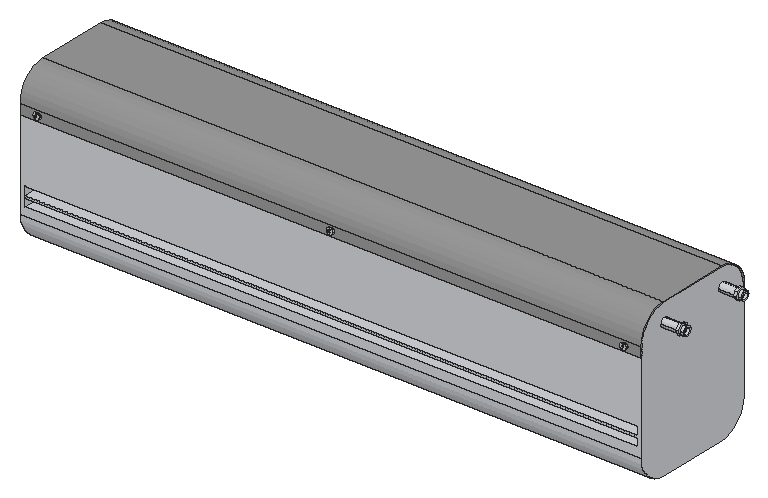
Revit family "Air-Curtain_Customer-Entry_PoweredAire_CLD-CHD-HWST", category Mechanical Equipment, host Face, Revit 2022
Family settings
  Host = Face
  Round Connector Dimension = Use Diameter
  Part Type = Normal
  OmniClass Number = 23.75.35.17.21
  OmniClass Title = Air Curtains
  Cut with Voids When Loaded = No
  Maintain Annotation Orientation = No
  Shared = No
  Room Calculation Point = No
Parameters
  upperpiperotation [instance] = if(Upper Pipe Connection Side A, 0.00°, 180.00°)  # 0.00°
  lowerpiperotation [instance] = if(Lower Pipe Connection Side A, 0.00°, 180.00°)  # 0.00°
  locateupperpipe [instance] = if(Upper Pipe Connection Side A, 0.00", Nozzle Width)  # 0.00"
  locatelowerpipe [instance] = if(Lower Pipe Connection Side A, 0.00", Nozzle Width)  # 0.00"
  Upper Pipe Connection Side A [instance] = yes
  Unit Width Notes = "Other Widths available."  # constant formula
  Unit Width = 73.00"
  Unit Weight = 0
  Unit Height = 15.00"
  Unit Depth = 18.30"
  URL = "http://www.poweredaire.com/"
  Specification = ""
  Projection from Host [instance] = 2.00"
  Product Page URL = "https://www.arcat.com/company/powered-aire-inc-47623"
  Power Rating = 0 W
  Piping_Water Flow [instance] = 0 GPM
  Piping_Operating Pressure [instance] = 0.00 psi
  Piping_Exit Temperature [instance] = 0 °F
  Piping_Entry Temperature [instance] = 0 °F
  Pipe OD [instance] = 5/8"
  Nozzle Width = if(1 = 1, Unit Width - 3.00", 0.00")  # 70.00"
  Mounting Width = if(1 = 1, Unit Width - 1.50", 0.00")  # 71.50"
  Mounting Height [instance] = 50.00"
  Motor RPM = 0
  Motor HP = 0
  Motor Count = 0
  Model = "CLD CHD HW ST"
  Max Height = 0.00"
  Manufacturer = "Powered Aire, Inc"
  Lower Pipe Connection Side A [instance] = yes
  Keynote = "23 34 33"
  Junction Height = 1.77"
  Include Clearance [instance] = yes
  Heating Element Load = 0 W
  HVAC_Temperature Rise = 0 °F
  HVAC_Outlet Volume = 0 CFM
  HVAC_Outlet Velocity Uniformity = 0
  HVAC_Outlet Velocity = 0 FPM
  HVAC_BTU Input = 0.0 Btu/h
  Front Grating Material [instance] = Metal - Steel - PoweredAire - White Perforated
  Frame Finish [instance] = Metal - Steel - PoweredAire - Stainless 304
  Electrical_Wattage [instance] = Power Rating + Heating Element Load  # 0 W
  Electrical_Voltage [instance] = 0 V
  Electrical_Phase [instance] = 1
  Electrical_Frequency [instance] = 0 Hz
  Electrical_Amperage [instance] = 0 A
  Description = ""
  Default Elevation = 0.00"  # constant formula
  Cover Finish [instance] = Metal - Steel - PoweredAire - White
  Copyright = "©Arcat Inc."
  Clearance Material [instance] = ARCAT Clearance
  CAD Details = ""
  Assembly Code = "D3090400"
Reference planes (in)
  plane 1 "Center (Elevation)": y = 8.13818
  plane 2: z = 0
  plane 3 "Center (Left/Right)": x = 0
  plane 4 "FF": y = -41.86182
  plane 5: z = 2
  plane 6: x = 36.5
  plane 7: x = -36.5
  plane 8: z = 20.3
  plane 9: y = 15.63818
  plane 10: z = 2.48
  plane 11: x = -36
  plane 12: x = 36
  plane 13: z = 2.36
  plane 14: y = 0.63818
  plane 15: y = 15.83818
  plane 16: y = 0.43818
  plane 17: y = 17.88818
  plane 18: y = 15.83818
  plane 19: y = 0.43818
  plane 20: y = 12.38818
  plane 21: y = 3.88818
  plane 22: z = 18.25
Forms (in)
  Extrusion 1, solid
    sketch origin (0, -2.225, 0) x (0, 1, 0) y (0, 0, 1)
      loop
        arc (17.86318, 17.05) -> (16.91127, 19.3481) -> (14.61318, 20.3) r 3.25
        line (14.61318, 20.3) -> (6.11318, 20.3)
        arc (6.11318, 20.3) -> (3.81508, 19.3481) -> (2.86318, 17.05) r 3.25
        line (2.86318, 17.05) -> (2.86318, 5.25)
        arc (2.86318, 5.25) -> (3.81508, 2.9519) -> (6.11318, 2) r 3.25
        line (6.11318, 2) -> (14.61318, 2)
        arc (14.61318, 2) -> (16.91127, 2.9519) -> (17.86318, 5.25) r 3.25
        line (17.86318, 5.25) -> (17.86318, 17.05)
    from -36.5 to 36.5
  Extrusion 2, solid, material "Circular Hatch"
    sketch origin (0, 0, 0) x (0, 1, 0) y (0, 0, 1)
      loop
        line (15.63818, 17.05) -> (15.63818, 15.86909) -> (15.71818, 15.86909) -> (15.71818, 17.05)
        arc (15.71818, 17.05) -> (14.74284, 19.40467) -> (12.38818, 20.38) r 3.33
        line (12.38818, 20.38) -> (3.88818, 20.38)
        arc (3.88818, 20.38) -> (1.53351, 19.40467) -> (0.55818, 17.05) r 3.33
        line (0.55818, 17.05) -> (0.55818, 15.86909) -> (0.63818, 15.86909) -> (0.63818, 17.05)
        arc (0.63818, 17.05) -> (1.59008, 19.3481) -> (3.88818, 20.3) r 3.25
        line (3.88818, 20.3) -> (12.38818, 20.3)
        arc (12.38818, 20.3) -> (14.68627, 19.3481) -> (15.63818, 17.05) r 3.25
    from -36.5 to 36.5
  Extrusion 3, void
    sketch origin (0, 3.875, 1.78) x (0, 1, 0) y (0, 0, 1)
      loop
        line (-3.23682, 5.5) -> (-3.23682, 4.5) -> (-1.48682, 4.5) -> (-1.48682, 6.75) -> (-3.23682, 6.75) -> (-3.23682, 5.75) -> (-1.73682, 5.75) -> (-1.73682, 5.5) -> (-3.23682, 5.5)
    from -36 to 36
  Extrusion 4, solid
    sketch origin (0, 8.13818, 0) x (1, 0, 0) y (0, 0, 1)
      loop
        line (-2, 8.44409) -> (2, 8.44409) -> (2, 12.44409) -> (-2, 12.44409) -> (-2, 8.44409)
      loop
        circle (1.9, 12.34409) r 0.05
      loop
        circle (-1.9, 8.54409) r 0.05
    from -9.75 to -7.5
  Extrusion 5, void
    sketch origin (0, 8.13818, 0) x (1, 0, 0) y (0, 0, 1)
      loop
        circle (35.8125, 15.23003) r 0.38
      loop
        circle (35.8125, 4.43003) r 0.38
      loop
        circle (-35.8125, 15.23003) r 0.38
      loop
        circle (-35.8125, 4.43003) r 0.38
    from -7.7 to -3.87526
  Extrusion 6, solid
    sketch origin (0, 11.51318, 1.88459) x (1, 0, 0) y (0, 0, 1)
      loop
        circle (-34.5, 14.60496) r 0.38
      loop
        circle (0, 14.60496) r 0.38
      loop
        circle (34.5, 14.60496) r 0.38
      loop
        line (-34.70441, 14.63496) -> (-34.70441, 14.57496) -> (-34.6172, 14.57496)
        arc (-34.6172, 14.57496) -> (-34.55554, 14.54941) -> (-34.53, 14.48775) r 0.0872
        line (-34.53, 14.48775) -> (-34.53, 14.40055) -> (-34.47, 14.40055) -> (-34.47, 14.48775)
        arc (-34.47, 14.48775) -> (-34.44446, 14.54941) -> (-34.3828, 14.57496) r 0.0872
        line (-34.3828, 14.57496) -> (-34.29559, 14.57496) -> (-34.29559, 14.63496) -> (-34.3828, 14.63496)
        arc (-34.3828, 14.63496) -> (-34.44446, 14.6605) -> (-34.47, 14.72216) r 0.0872
        line (-34.47, 14.72216) -> (-34.47, 14.80936) -> (-34.53, 14.80936) -> (-34.53, 14.72216)
        arc (-34.53, 14.72216) -> (-34.55554, 14.6605) -> (-34.6172, 14.63496) r 0.0872
        line (-34.6172, 14.63496) -> (-34.70441, 14.63496)
      loop
        line (-0.20441, 14.63496) -> (-0.20441, 14.57496) -> (-0.1172, 14.57496)
        arc (-0.1172, 14.57496) -> (-0.05554, 14.54941) -> (-0.03, 14.48775) r 0.0872
        line (-0.03, 14.48775) -> (-0.03, 14.40055) -> (0.03, 14.40055) -> (0.03, 14.48775)
        arc (0.03, 14.48775) -> (0.05554, 14.54941) -> (0.1172, 14.57496) r 0.0872
        line (0.1172, 14.57496) -> (0.20441, 14.57496) -> (0.20441, 14.63496) -> (0.1172, 14.63496)
        arc (0.1172, 14.63496) -> (0.05554, 14.6605) -> (0.03, 14.72216) r 0.0872
        line (0.03, 14.72216) -> (0.03, 14.80936) -> (-0.03, 14.80936) -> (-0.03, 14.72216)
        arc (-0.03, 14.72216) -> (-0.05554, 14.6605) -> (-0.1172, 14.63496) r 0.0872
        line (-0.1172, 14.63496) -> (-0.20441, 14.63496)
      loop
        line (34.29559, 14.63496) -> (34.29559, 14.57496) -> (34.3828, 14.57496)
        arc (34.3828, 14.57496) -> (34.44446, 14.54941) -> (34.47, 14.48775) r 0.0872
        line (34.47, 14.48775) -> (34.47, 14.40055) -> (34.53, 14.40055) -> (34.53, 14.48775)
        arc (34.53, 14.48775) -> (34.55554, 14.54941) -> (34.6172, 14.57496) r 0.0872
        line (34.6172, 14.57496) -> (34.70441, 14.57496) -> (34.70441, 14.63496) -> (34.6172, 14.63496)
        arc (34.6172, 14.63496) -> (34.55554, 14.6605) -> (34.53, 14.72216) r 0.0872
        line (34.53, 14.72216) -> (34.53, 14.80936) -> (34.47, 14.80936) -> (34.47, 14.72216)
        arc (34.47, 14.72216) -> (34.44446, 14.6605) -> (34.3828, 14.63496) r 0.0872
        line (34.3828, 14.63496) -> (34.29559, 14.63496)
    from 10.875 to 11.075
  Extrusion 7, solid
    sketch origin (0, 11.51318, 1.89414) x (1, 0, 0) y (0, 0, -1)
      loop
        circle (-34.5, -14.60496) r 0.38
      loop
        circle (0, -14.60496) r 0.38
      loop
        circle (34.5, -14.60496) r 0.38
      loop
        line (-34.70441, -14.63496) -> (-34.6172, -14.63496)
        arc (-34.6172, -14.63496) -> (-34.55554, -14.6605) -> (-34.53, -14.72216) r 0.0872
        line (-34.53, -14.72216) -> (-34.53, -14.80936) -> (-34.47, -14.80936) -> (-34.47, -14.72216)
        arc (-34.47, -14.72216) -> (-34.44446, -14.6605) -> (-34.3828, -14.63496) r 0.0872
        line (-34.3828, -14.63496) -> (-34.29559, -14.63496) -> (-34.29559, -14.57496) -> (-34.3828, -14.57496)
        arc (-34.3828, -14.57496) -> (-34.44446, -14.54941) -> (-34.47, -14.48775) r 0.0872
        line (-34.47, -14.48775) -> (-34.47, -14.40055) -> (-34.53, -14.40055) -> (-34.53, -14.48775)
        arc (-34.53, -14.48775) -> (-34.55554, -14.54941) -> (-34.6172, -14.57496) r 0.0872
        line (-34.6172, -14.57496) -> (-34.70441, -14.57496) -> (-34.70441, -14.63496)
      loop
        line (-0.20441, -14.63496) -> (-0.1172, -14.63496)
        arc (-0.1172, -14.63496) -> (-0.05554, -14.6605) -> (-0.03, -14.72216) r 0.0872
        line (-0.03, -14.72216) -> (-0.03, -14.80936) -> (0.03, -14.80936) -> (0.03, -14.72216)
        arc (0.03, -14.72216) -> (0.05554, -14.6605) -> (0.1172, -14.63496) r 0.0872
        line (0.1172, -14.63496) -> (0.20441, -14.63496) -> (0.20441, -14.57496) -> (0.1172, -14.57496)
        arc (0.1172, -14.57496) -> (0.05554, -14.54941) -> (0.03, -14.48775) r 0.0872
        line (0.03, -14.48775) -> (0.03, -14.40055) -> (-0.03, -14.40055) -> (-0.03, -14.48775)
        arc (-0.03, -14.48775) -> (-0.05554, -14.54941) -> (-0.1172, -14.57496) r 0.0872
        line (-0.1172, -14.57496) -> (-0.20441, -14.57496) -> (-0.20441, -14.63496)
      loop
        line (34.29559, -14.63496) -> (34.3828, -14.63496)
        arc (34.3828, -14.63496) -> (34.44446, -14.6605) -> (34.47, -14.72216) r 0.0872
        line (34.47, -14.72216) -> (34.47, -14.80936) -> (34.53, -14.80936) -> (34.53, -14.72216)
        arc (34.53, -14.72216) -> (34.55554, -14.6605) -> (34.6172, -14.63496) r 0.0872
        line (34.6172, -14.63496) -> (34.70441, -14.63496) -> (34.70441, -14.57496) -> (34.6172, -14.57496)
        arc (34.6172, -14.57496) -> (34.55554, -14.54941) -> (34.53, -14.48775) r 0.0872
        line (34.53, -14.48775) -> (34.53, -14.40055) -> (34.47, -14.40055) -> (34.47, -14.48775)
        arc (34.47, -14.48775) -> (34.44446, -14.54941) -> (34.3828, -14.57496) r 0.0872
        line (34.3828, -14.57496) -> (34.29559, -14.57496) -> (34.29559, -14.63496)
    from 4.125 to 4.325
Cuts and joins
  Extrusion 3, Extrusion 5 cuts Extrusion 1
Dimensions and locks (in)
  equal spacing: plane 7, plane 3 "Center (Left/Right)", plane 6
  "Unit Width": plane 7 to plane 6
  "Unit Depth": plane 8 to plane 5
  "Projection from Host": plane 5 to host face
  locked: plane 12 to plane 6 at 0.5
  locked: plane 7 to plane 11 at 0.5
  locked: plane 10 to plane 13 at 0.12
  equal spacing: plane 9, plane 1 "Center (Elevation)", plane 14
  locked: plane 15 to plane 9 at 0.2
  locked: plane 16 to plane 14 at 0.2
  Extrusion 3 sketch curve to Extrusion 3 sketch curve to Extrusion 3 sketch curve to Extrusion 3 sketch curve = 1.00" locked, 0.25" locked, 1.00" locked
  locked: plane 17 to plane 9 at 2.25
  "Mounting Height": plane 4 "FF" to plane 1 "Center (Elevation)"
  locked: plane 18 to plane 9 at 0.2
  locked: plane 19 to plane 14 at 0.2
  locked: plane 9 to plane 20 at 3.25
  "Unit Height": plane 14 to plane 9
  locked: plane 21 to plane 14 at 3.25
  locked: plane 8 to plane 22 at 2.05
  aligned and locked: plane 2 to host face
  aligned and locked: level to host face
  aligned and locked: Extrusion 1 to plane 7
  aligned and locked: plane 6 to Extrusion 1
  aligned and locked: plane 8 to Extrusion 1
  aligned and locked: Extrusion 2 to Extrusion 1
  aligned and locked: Extrusion 1 to Extrusion 2
  aligned and locked: Extrusion 1 to plane 5
  aligned and locked: Extrusion 2 to plane 7
  aligned and locked: plane 14 to Extrusion 1
  aligned and locked: Extrusion 4 to cut or joined group of Extrusion 1, Extrusion 3, Extrusion 5
  aligned and locked: Extrusion 4 to plane 17
  aligned and locked: Extrusion 4 to plane 9
  aligned and locked: plane 18 to Extrusion 7
  aligned and locked: plane 19 to Extrusion 6
  aligned and locked: Extrusion 7 to plane 9
  aligned and locked: Extrusion 6 to plane 14
  aligned and locked: Extrusion 6 to plane 19
  aligned and locked: plane 9 to Extrusion 7
  aligned and locked: Extrusion 7 to plane 18
  aligned and locked: plane 20 to nested 2
  aligned and locked: plane 21 to nested 1
  aligned and locked: plane 12 to cut or joined group of Extrusion 1, Extrusion 3, Extrusion 5
  aligned and locked: cut or joined group of Extrusion 1, Extrusion 3, Extrusion 5 to plane 11
  aligned and locked: plane 14 to cut or joined group of Extrusion 1, Extrusion 3, Extrusion 5
  aligned and locked: plane 9 to Extrusion 1
  aligned and locked: Extrusion 1 to Extrusion 3
  aligned and locked: Extrusion 5 to plane 15
  aligned and locked: plane 22 to nested 2
  aligned and locked: plane 22 to nested 1
Automatic sketch dimensions
  host sketch curve to host sketch curve = 123.22671"
  host sketch curve to host sketch curve = 96.00"
  Extrusion 2 sketch curve to Extrusion 2 sketch curve = 0.00"  (x4)
  Extrusion 2 sketch curve to plane 14 = 0.00"
  Extrusion 2 sketch curve to plane 21 = 0.00"
  Extrusion 2 sketch curve to plane 20 = 0.00"
  Extrusion 2 sketch curve to plane 9 = 0.00"
  Extrusion 2 sketch curve to plane 8 = 0.00"
  plane 14 to Extrusion 2 sketch curve = 0.08"
  Extrusion 2 sketch curve to Extrusion 2 sketch curve = 1.18091"  (x2)
  Extrusion 3 sketch curve to plane 14 = 0.00"  (x2)
  Extrusion 3 sketch curve to Extrusion 3 sketch curve = 1.50"
  Extrusion 3 sketch curve to Extrusion 3 sketch curve = 0.25"
  plane 10 to Extrusion 3 sketch curve = 3.80"
  Extrusion 6 sketch curve to plane 3 "Center (Left/Right)" = 0.00"
  Extrusion 6 sketch curve to plane 3 "Center (Left/Right)" = 0.03"  (x2)
  Extrusion 6 sketch curve to Extrusion 6 sketch curve = 0.0872"  (x25)
  plane 11 to Extrusion 6 sketch curve = 1.70441"
  Extrusion 6 sketch curve to Extrusion 6 sketch curve = 0.00"  (x3)
  Extrusion 6 sketch curve to Extrusion 6 sketch curve = 0.03"  (x5)
  Extrusion 6 sketch curve to Extrusion 6 sketch curve = 0.06"  (x10)
  plane 3 "Center (Left/Right)" to Extrusion 6 sketch curve = 0.03"  (x2)
  Extrusion 6 sketch curve to plane 12 = 1.70441"
  Extrusion 6 sketch curve to Extrusion 6 sketch curve = 0.1172"
  Extrusion 6 sketch curve to plane 8 = 4.01486"  (x3)
  Extrusion 7 sketch curve to plane 3 "Center (Left/Right)" = 0.00"
  Extrusion 7 sketch curve to plane 3 "Center (Left/Right)" = 0.03"  (x2)
  Extrusion 7 sketch curve to Extrusion 7 sketch curve = 0.0872"  (x24)
  plane 11 to Extrusion 7 sketch curve = 1.70441"
  Extrusion 7 sketch curve to Extrusion 7 sketch curve = 0.00"  (x4)
  Extrusion 7 sketch curve to Extrusion 7 sketch curve = 0.03"  (x3)
  Extrusion 7 sketch curve to Extrusion 7 sketch curve = 0.06"  (x10)
  plane 3 "Center (Left/Right)" to Extrusion 7 sketch curve = 0.03"  (x2)
  Extrusion 7 sketch curve to plane 12 = 1.70441"
  Extrusion 7 sketch curve to Extrusion 7 sketch curve = 0.1172"  (x3)
  Extrusion 7 sketch curve to plane 8 = 3.5965"  (x3)
  Extrusion 1 sketch curve to plane 14 = 0.00"
  Extrusion 1 sketch curve to plane 5 = 0.00"
  Extrusion 1 sketch curve to plane 8 = 0.00"
  Extrusion 1 sketch curve to plane 21 = 0.00"  (x2)
  Extrusion 1 sketch curve to plane 20 = 0.00"  (x2)
  Extrusion 1 sketch curve to plane 9 = 0.00"
  plane 11 to Extrusion 5 sketch curve = 0.1875"  (x2)
  Extrusion 5 sketch curve to plane 12 = 0.1875"  (x2)
  plane 10 to Extrusion 5 sketch curve = 1.95003"  (x2)
  Extrusion 5 sketch curve to plane 8 = 5.06997"  (x2)
  Extrusion 4 sketch curve to plane 3 "Center (Left/Right)" = 2.00"
  Extrusion 4 sketch curve to Extrusion 4 sketch curve = 0.10"  (x3)
  plane 3 "Center (Left/Right)" to Extrusion 4 sketch curve = 1.90"
  plane 3 "Center (Left/Right)" to Extrusion 4 sketch curve = 2.00"
  plane 10 to Extrusion 4 sketch curve = 5.96409"
  Extrusion 4 sketch curve to Extrusion 4 sketch curve = 3.90"
  radius of Extrusion 6 sketch curve = 0.38"  (x3)
  radius of Extrusion 7 sketch curve = 0.38"  (x3)
  radius of Extrusion 5 sketch curve = 0.38"  (x4)
  radius of Extrusion 4 sketch curve = 0.05"  (x2)
Nested families (in)
  nested 1: "Valve" at (36.5, 3.88818, 30.90595) x (0, 1, 0) z (1, 0, 0), type "Valve"
    with upperpiperotation 0.00°, lowerpiperotation 0.00°, locateupperpipe 0.00", locatelowerpipe 0.00", Upper Pipe Connection Side A yes, Projection from Host 4.00", Piping_Water Flow 0 GPM, Piping_Operating Pressure 0.00 psi, Piping_Exit Temperature 0 °F, Piping_Entry Temperature 0 °F, Pipe OD 5/8", Mounting Height 42.00", Lower Pipe Connection Side A yes, Include Clearance yes, Front Grating Material Metal - Steel - PoweredAire - White Perforated, Frame Finish Metal - Steel - PoweredAire - Stainless 304, Electrical_Wattage 0 W, Electrical_Voltage 0 V, Electrical_Phase 1, Electrical_Frequency 0 Hz, Electrical_Amperage 0 A, Cover Finish Metal - Steel - PoweredAire - White, Clearance_Top 0.00", Clearance_Side B 0.00", Clearance_Side A 0.00", Clearance_Intake 0.00", Clearance_Front 43.00", Clearance Material ARCAT Clearance
  nested 2: "Valve" at (36.5, 12.38818, 30.90595) x (0, -1, 0) z (1, 0, 0), type "Valve"
    with upperpiperotation 0.00°, lowerpiperotation 0.00°, locateupperpipe 0.00", locatelowerpipe 0.00", Upper Pipe Connection Side A yes, Projection from Host 4.00", Piping_Water Flow 0 GPM, Piping_Operating Pressure 0.00 psi, Piping_Exit Temperature 0 °F, Piping_Entry Temperature 0 °F, Pipe OD 5/8", Mounting Height 42.00", Lower Pipe Connection Side A yes, Include Clearance yes, Front Grating Material Metal - Steel - PoweredAire - White Perforated, Frame Finish Metal - Steel - PoweredAire - Stainless 304, Electrical_Wattage 0 W, Electrical_Voltage 0 V, Electrical_Phase 1, Electrical_Frequency 0 Hz, Electrical_Amperage 0 A, Cover Finish Metal - Steel - PoweredAire - White, Clearance_Top 0.00", Clearance_Side B 0.00", Clearance_Side A 0.00", Clearance_Intake 0.00", Clearance_Front 43.00", Clearance Material ARCAT Clearance
Definition of nested family "Valve"
  Parameters (values of type "Valve")
    upperpiperotation [instance] = if(Upper Pipe Connection Side A, 0.00°, 180.00°)  # 0.00°
    lowerpiperotation [instance] = if(Lower Pipe Connection Side A, 0.00°, 180.00°)  # 0.00°
    locateupperpipe [instance] = if(Upper Pipe Connection Side A, 0.00", Nozzle Width)  # 0.00"
    locatelowerpipe [instance] = if(Lower Pipe Connection Side A, 0.00", Nozzle Width)  # 0.00"
    Upper Pipe Connection Side A [instance] = yes
    Unit Width Notes = "Other Widths available."  # constant formula
    Unit Width = 73.00"
    Unit Weight = 0
    Unit Height = 15.00"
    Unit Depth = 17.00"
    URL = "http://www.poweredaire.com/"
    Specification = ""
    Projection from Host [instance] = 4.00"
    Product Page URL = "https://www.arcat.com/company/powered-aire-inc-47623"
    Power Rating = 0 W
    Piping_Water Flow [instance] = 0 GPM
    Piping_Operating Pressure [instance] = 0.00 psi
    Piping_Exit Temperature [instance] = 0 °F
    Piping_Entry Temperature [instance] = 0 °F
    Pipe OD [instance] = 5/8"
    Nozzle Width = if(1 = 1, Unit Width - 3.00", 0.00")  # 70.00"
    Mounting Width = if(1 = 1, Unit Width - 1.50", 0.00")  # 71.50"
    Mounting Height [instance] = 42.00"
    Motor RPM = 0
    Motor HP = 0
    Motor Count = 0
    Model = "CLD CHD HW ST"
    Max Height = 0.00"
    Manufacturer = "Powered Aire, Inc"
    Lower Pipe Connection Side A [instance] = yes
    Keynote = "23 34 33"
    Junction Height = 1.77"
    Include Clearance [instance] = yes
    Heating Element Load = 0 W
    HVAC_Temperature Rise = 0 °F
    HVAC_Outlet Volume = 0 CFM
    HVAC_Outlet Velocity Uniformity = 0
    HVAC_Outlet Velocity = 0 FPM
    HVAC_BTU Input = 0.0 Btu/h
    Front Grating Material [instance] = none
    Frame Finish [instance] = none
    Electrical_Wattage [instance] = Power Rating + Heating Element Load  # 0 W
    Electrical_Voltage [instance] = 0 V
    Electrical_Phase [instance] = 1
    Electrical_Frequency [instance] = 0 Hz
    Electrical_Amperage [instance] = 0 A
    Description = ""
    Default Elevation = 0.00"  # constant formula
    Cover Finish [instance] = none
    Copyright = "©Arcat Inc."
    Clearance_Top [instance] = 0.00"
    Clearance_Side B [instance] = 0.00"
    Clearance_Side A [instance] = 0.00"
    Clearance_Intake [instance] = 0.00"
    Clearance_Front [instance] = 43.00"
    Clearance Material [instance] = none
    CAD Details = ""
    Assembly Code = "D3090400"
  Reference planes (in)
    plane 1 "Center (Elevation)": y = -12.65595
    plane 2: z = 0
    plane 3 "Center (Left/Right)": x = 0
  Forms (in)
    Extrusion 1, solid
      sketch origin (0, 0, 0) x (1, 0, 0) y (0, 1, 0)
        loop
          line (-60, 48) -> (-60, -48) -> (63.22671, -48) -> (63.22671, 48) -> (-60, 48)
      from 0 to -12
    Extrusion 2, solid
      sketch origin (0, 0, 0) x (1, 0, 0) y (0, 1, 0)
        loop
          circle (0, -12.65595) r 0.45
        loop
          circle (0, -12.65595) r 0.5
      from 0 to 2.75
    Extrusion 3, solid
      sketch origin (0, 0, 0) x (1, 0, 0) y (0, 1, 0)
        loop
          line (0.64691, -12.82929) -> (0.47357, -12.18238) -> (-0.17334, -12.00904) -> (-0.64691, -12.48261) -> (-0.47357, -13.12952) -> (0.17334, -13.30286) -> (0.64691, -12.82929)
        loop
          circle (0, -12.65595) r 0.5
      from 1.99342 to 2.31497
  Dimensions and locks (in)
    aligned and locked: plane 2 to Extrusion 1
    aligned and locked: level to Extrusion 1
